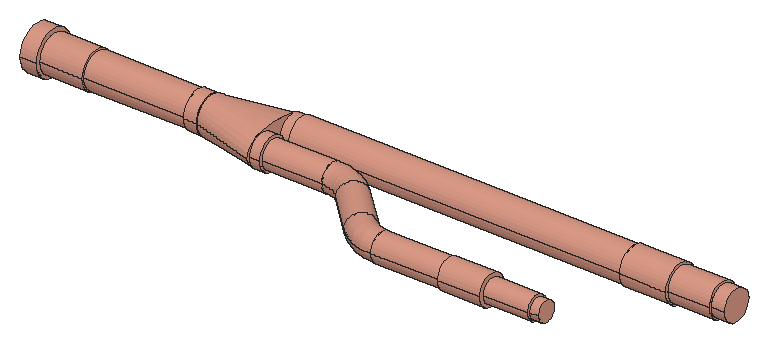
Revit family "outputfile", category 配管付属品, Revit 2024
Family settings
  丸型コネクタ寸法 = 半径を使用
  パーツ タイプ = 標準
  OmniClass 番号 = 23.65.55.00
  OmniClass タイトル = Distribution of Supplied Liquids/Gases
  作業面ベース = いいえ
  常に垂直 = はい
  ロード時にボイドで切り取り = いいえ
  共有 = いいえ
Parameters (values of type "BHRP26A73T")
  Description = ""
  製造元 = "Daikin"
  書き出し IFC クラス(タイプ) = "IfcPipeFittingType"
  Default Elevation = 0.0 mm
  定義済み IFC タイプ(タイプ) = "JUNCTION"
  Cost = 0
  モデル = "BHRP26A73T"
  Type Comments = ""
  Keynote = ""
  Type Image = (empty or 0)
  Assembly Code = ""
  table_StraightPipe [instance] = if(mm⇔inch, "Refnet Joint_BHRP26A-T_Gas_StraightPipe", "Refnet Joint_BHRP26A-T_Gas_StraightPipe_inch")  # "Refnet Joint_BHRP26A-T_Gas_StraightPipe"
  table_BranchPipe [instance] = if(mm⇔inch, "Refnet Joint_BHRP26A-T_Gas_BranchPipe", "Refnet Joint_BHRP26A-T_Gas_BranchPipe_inch")  # "Refnet Joint_BHRP26A-T_Gas_BranchPipe"
  table_Inlet [instance] = if(mm⇔inch, "Refnet Joint_BHRP26A-T_Gas_Inlet", "Refnet Joint_BHRP26A-T_Gas_Inlet_inch")  # "Refnet Joint_BHRP26A-T_Gas_Inlet"
  switch_StraightPipe_Reducer [instance] = if(Is_StraightPipe Reducer = 1, 1 = 1, 1 = 0)  # no
  switch_StraightPipe3 [instance] = if(number_StraightPipe = 3, 1 = 1, 1 = 0)  # yes
  switch_StraightPipe2 [instance] = if(number_StraightPipe < 2, 1 = 0, 1 = 1)  # yes
  switch_BranchPipe_Reducer [instance] = if(Is_BranchPipe Reducer = 1, 1 = 1, 1 = 0)  # no
  switch_BranchPipe3 [instance] = if(number_BranchPipe = 3, 1 = 1, 1 = 0)  # yes
  switch_BranchPipe2 [instance] = if(number_BranchPipe < 2, 1 = 0, 1 = 1)  # yes
  switch_Inlet pipe_Reducer [instance] = if(Is_Inlet Reducer = 1, 1 = 1, 1 = 0)  # no
  switch_Inlet pipe3 [instance] = if(number_InletPipe = 3, 1 = 1, 1 = 0)  # no
  switch_Inlet pipe2 [instance] = if(number_InletPipe < 2, 1 = 0, 1 = 1)  # yes
  mm⇔inch [instance] = yes
  Uniclass2015Version = "Products v1.31"
  Uniclass2015Title = "Copper pipe fittings"
  Uniclass2015Code = "Pr_65_52_63_18"
  URL = ""
  StraightPipe_Gas_ActualDiameter [instance] = 25.4 mm
  Material_Piping = DAIKIN_Copper_Pipe
  Material_Insulation = DAIKIN_White_Insulation
  lw_Insulation [instance] = size_lookup(table_Inlet, "lw_Insulation", 60.0 mm, モデル)  # 48.5 mm
  Unit Type = "BHRP26A-T_Gas"
  Tag No. [instance] = ""
  StraightPipe_Gas_Status [instance] = size_lookup(table_StraightPipe, "Information", "The connected pipe size is not available.", モデル, StraightPipe_Gas_ActualDiameter)  # "Default connector size is used."
  Link_Nested Family [instance] = ""
  Inlet_Gas_Actual Diameter [instance] = 38.1 mm
  IfcVersion = ""
  IfcExportType = "JUNCTION"
  IfcExportAs = "IfcPipeFittingType"
  BranchPipe_Gas_Status [instance] = size_lookup(table_BranchPipe, "Information", "The connected pipe size is not available.", モデル, BranchPipe_Gas_ActualDiameter)  # "Default connector size is used."
  Inlet_Gas_Status [instance] = size_lookup(table_Inlet, "Information", "The connected pipe size is not available.", モデル, Inlet_Gas_Actual Diameter)  # "Default connector size is used."
  Series = "Refnet Joint"
  O.R_dividePipe_Inlet [instance] = (I.D_InletPipe1 + 2.0 mm) / 2  # 16.9 mm
  r_StraightPipe_Connector [instance] = StraightPipe_Gas_ActualDiameter / 2  # 12.7 mm
  r_BranchPipe_Connector [instance] = BranchPipe_Gas_ActualDiameter / 2  # 7.95 mm
  r_Inlet_Connector [instance] = Inlet_Gas_Actual Diameter / 2  # 19.05 mm
  number_StraightPipe [instance] = size_lookup(table_StraightPipe, "pipeNumber", 2, モデル, StraightPipe_Gas_ActualDiameter)  # 3
  number_BranchPipe [instance] = size_lookup(table_BranchPipe, "pipeNumber", 2, モデル, BranchPipe_Gas_ActualDiameter)  # 3
  number_InletPipe [instance] = size_lookup(table_Inlet, "pipeNumber", 3, モデル, Inlet_Gas_Actual Diameter)  # 2
  r_BranchPipeR [instance] = size_lookup(table_BranchPipe, "r_offsetPipeR", 25.0 mm, モデル, BranchPipe_Gas_ActualDiameter)  # 40.0 mm
  l_BranchPipe_Straight2 [instance] = size_lookup(table_BranchPipe, "L_offsetPipe2", 43.0 mm, モデル)  # 63.0 mm
  l_BranchPipe_Straight1 [instance] = size_lookup(table_BranchPipe, "L_offsetPipe1", 5.0 mm, モデル)  # 56.0 mm
  l_BranchPipe connector [instance] = size_lookup(table_BranchPipe, "Length", 170.0 mm, モデル, BranchPipe_Gas_ActualDiameter)  # 311.0 mm
  l_inlet connector [instance] = size_lookup(table_Inlet, "Length", 130.0 mm, モデル, Inlet_Gas_Actual Diameter)  # 161.0 mm
  l_dividePipe [instance] = size_lookup(table_Inlet, "L_devidePipe", 38.0 mm, モデル)  # 61.0 mm
  l_StraightPipeReducer [instance] = size_lookup(table_StraightPipe, "L_Reducer", 2.0 mm, モデル, StraightPipe_Gas_ActualDiameter)  # 120.0 mm
  l_StraightPipe3 [instance] = size_lookup(table_StraightPipe, "L_Pipe3", 2.0 mm, モデル)  # 13.0 mm
  l_StraightPipe2 [instance] = size_lookup(table_StraightPipe, "L_Pipe2", 9.0 mm, モデル)  # 39.0 mm
  l_StraightPipe1 [instance] = size_lookup(table_StraightPipe, "L_Pipe1", 41.0 mm, モデル)  # 43.0 mm
  l_StraightPipe0 [instance] = size_lookup(table_StraightPipe, "L_Pipe0", 152.0 mm, モデル)  # 308.0 mm
  l_StraightPipe connector [instance] = size_lookup(table_StraightPipe, "Length", 212.0 mm, モデル, StraightPipe_Gas_ActualDiameter)  # 413.0 mm
  l_BranchPipe Reducer [instance] = size_lookup(table_BranchPipe, "L_Reducer", 2.0 mm, モデル, BranchPipe_Gas_ActualDiameter)  # 100.0 mm
  l_BranchPipe3 [instance] = size_lookup(table_BranchPipe, "L_Pipe3", 2.0 mm, モデル)  # 9.0 mm
  l_BranchPipe2 [instance] = size_lookup(table_BranchPipe, "L_Pipe2", 9.0 mm, モデル)  # 42.0 mm
  l_BranchPipe1 [instance] = size_lookup(table_BranchPipe, "L_Pipe1", 41.0 mm, モデル)  # 39.0 mm
  l_BranchPipe0 [instance] = size_lookup(table_BranchPipe, "L_Pipe0", 110.0 mm, モデル)  # 211.0 mm
  l_InletReducer [instance] = size_lookup(table_Inlet, "L_Reducer", 2.0 mm, モデル, Inlet_Gas_Actual Diameter)  # 120.0 mm
  l_InletPipe3 [instance] = size_lookup(table_Inlet, "L_Pipe3", 8.0 mm, モデル)  # 2.0 mm
  l_InletPipe2 [instance] = size_lookup(table_Inlet, "L_Pipe2", 42.0 mm, モデル)  # 15.0 mm
  l_InletPipe1 [instance] = size_lookup(table_Inlet, "L_Pipe1", 40.0 mm, モデル)  # 40.0 mm
  l_InletPipe0 [instance] = size_lookup(table_Inlet, "L_Pipe0", 28.0 mm, モデル)  # 94.0 mm
  center_StraightPipe [instance] = size_lookup(table_StraightPipe, "center_Pipe", 11.5 mm, モデル)  # 17.5 mm
  center_BranchPipe2 [instance] = size_lookup(table_BranchPipe, "center_OffsetPipe", 67.5 mm, モデル)  # 75.5 mm
  center_BranchPipe1 [instance] = size_lookup(table_BranchPipe, "center_Pipe", 11.5 mm, モデル)  # 17.5 mm
  StraightPipe_Gas_AvailableDiameter [instance] = size_lookup(table_StraightPipe, "sizeVariation", "", モデル)  # "25.4/28.6/31.8/34.9mm"
  BranchPipe_Gas_AvailableDiameter [instance] = size_lookup(table_BranchPipe, "sizeVariation", "", モデル)  # "12.7/15.9/19.1/22.2/25.4/28.6mm"
  Inlet_Gas_Available Diameter [instance] = size_lookup(table_Inlet, "sizeVariation", "", モデル)  # "31.8/34.9/38.1/41.3mm"
  O.D_StraightPipe Reducer [instance] = size_lookup(table_StraightPipe, "O.D_reducer", 2.0 mm, モデル, StraightPipe_Gas_ActualDiameter)  # 2.0 mm
  O.D_Offset Outlet Reducer [instance] = size_lookup(table_BranchPipe, "O.D_reducer", 2.0 mm, モデル, BranchPipe_Gas_ActualDiameter)  # 2.0 mm
  O.D_Inlet Reducer [instance] = size_lookup(table_Inlet, "O.D_reducer", 2.0 mm, モデル, Inlet_Gas_Actual Diameter)  # 2.0 mm
  Is_StraightPipe Reducer [instance] = size_lookup(table_StraightPipe, "IsReducer", 0, モデル, StraightPipe_Gas_ActualDiameter)  # 0
  Is_BranchPipe Reducer [instance] = size_lookup(table_BranchPipe, "IsReducer", 0, モデル, BranchPipe_Gas_ActualDiameter)  # 0
  Is_Inlet Reducer [instance] = size_lookup(table_Inlet, "IsReducer", 0, モデル, Inlet_Gas_Actual Diameter)  # 0
  BranchPipe_Gas_ActualDiameter [instance] = 15.9 mm
  Attach_Insulation [instance] = no
  I.D_StraightPipe3 [instance] = size_lookup(table_StraightPipe, "I.D_PipeSize3", 12.7 mm, モデル)  # 25.4 mm
  I.D_StraightPipe2 [instance] = size_lookup(table_StraightPipe, "I.D_PipeSize2", 12.7 mm, モデル)  # 28.6 mm
  I.D_StraightPipe1 [instance] = size_lookup(table_StraightPipe, "I.D_PipeSize1", 15.9 mm, モデル)  # 31.8 mm
  I.D_StraightPipe0 [instance] = size_lookup(table_StraightPipe, "I.D_PipeSize0", 13.9 mm, モデル)  # 29.8 mm
  I.D_BranchPipe3 [instance] = size_lookup(table_BranchPipe, "I.D_PipeSize3", 12.7 mm, モデル)  # 15.9 mm
  I.D_BranchPipe2 [instance] = size_lookup(table_BranchPipe, "I.D_PipeSize2", 12.7 mm, モデル)  # 19.1 mm
  I.D_BranchPipe1 [instance] = size_lookup(table_BranchPipe, "I.D_PipeSize1", 15.9 mm, モデル)  # 25.4 mm
  I.D_BranchPipe0 [instance] = size_lookup(table_BranchPipe, "I.D_PipeSize0", 13.9 mm, モデル)  # 23.4 mm
  I.D_Straight Reducer [instance] = size_lookup(table_StraightPipe, "I.D_reducer", 2.0 mm, モデル, StraightPipe_Gas_ActualDiameter)  # 2.0 mm
  I.D_OutletPipe [instance] = size_lookup(table_Inlet, "I.D_OutletPipeSize", 16.0 mm, モデル, Inlet_Gas_Actual Diameter)  # 27.5 mm
  I.D_Branch Reducer [instance] = size_lookup(table_BranchPipe, "I.D_reducer", 2.0 mm, モデル, BranchPipe_Gas_ActualDiameter)  # 2.0 mm
  I.D_Inlet Reducer [instance] = size_lookup(table_Inlet, "I.D_reducer", 2.0 mm, モデル, Inlet_Gas_Actual Diameter)  # 2.0 mm
  I.D_InletPipe3 [instance] = size_lookup(table_Inlet, "I.D_PipeSize3", 12.7 mm, モデル)  # 2.0 mm
  I.D_InletPipe2 [instance] = size_lookup(table_Inlet, "I.D_PipeSize2", 15.9 mm, モデル)  # 38.1 mm
  I.D_InletPipe1 [instance] = size_lookup(table_Inlet, "I.D_PipeSize1", 19.1 mm, モデル)  # 31.8 mm
  I.D_InletPipe0 [instance] = size_lookup(table_Inlet, "I.D_PipeSize0", 17.1 mm, モデル)  # 29.8 mm
Reference planes
  plane 1 "Center (Front/Back)": y = 0
  plane 2: z = 0
  plane 3 "base_left": x = 0
  plane 4: x = 2
  plane 5: x = 17
  plane 6: x = 57
  plane 7: x = 151
  plane 8: x = 163
  plane 9: x = 224
  plane 10: x = 234
  plane 11 "center_straight outlet": y = 17.5
  plane 12 "center2_offset outlet": y = -75.5
  plane 13 "center1_offset outlet": y = -17.5
  plane 14: x = 542
  plane 15: x = 585
  plane 16: x = 624
  plane 17: x = 445
  plane 18: x = 484
  plane 19: x = 526
  plane 20: x = 637
  plane 21: x = 535
  plane 22 "Reducer_straightoutlet": x = 535
  plane 23: x = 637
  plane 24: y = -34.4
  plane 25: z = 16.9
  plane 26 "Inlet_connector": x = 2
  plane 27 "Left_Insulation": x = 114.5
Forms (mm)
  SweptBlend 1, solid, material "DAIKIN_Copper_Pipe" <- "Material_Piping"
    path origin (0, 0, 0) x (1, 0, 0) y (0, 1, 0)
      loop
        line (163, 0) -> (224, 0)
    profile origin (163, 0, 0) x (0, 1, 0) y (0, 0, 1)
      loop
        circle (0, 0) r 16.9
    end profile origin (224, 0, 0) x (0, 1, 0) y (0, 0, 1)
      loop
        spline (-34.4, 0) -> (-33.228, -4.374) -> (-29.791, -8.45) -> (-24.324, -11.95) -> (-17.2, -14.636) -> (-8.903, -16.324) -> (0, -16.9) -> (8.903, -16.324) -> (17.2, -14.636) -> (24.324, -11.95) -> (29.791, -8.45) -> (33.228, -4.374) -> (34.4, 0)
        spline (34.4, 0) -> (33.228, 4.374) -> (29.791, 8.45) -> (24.324, 11.95) -> (17.2, 14.636) -> (8.903, 16.324) -> (0, 16.9) -> (-8.903, 16.324) -> (-17.2, 14.636) -> (-24.324, 11.95) -> (-29.791, 8.45) -> (-33.228, 4.374) -> (-34.4, 0)
Dimensions and locks
  "l_InletPipe3": plane 3 "base_left" to plane 4
  "l_InletPipe2": plane 4 to plane 5
  "l_InletPipe1": plane 5 to plane 6
  "l_InletPipe0": plane 6 to plane 7
  locked: plane 7 to plane 8 at 12
  "center_StraightPipe": plane 1 "Center (Front/Back)" to plane 11 "center_straight outlet"
  "center_BranchPipe2": plane 12 "center2_offset outlet" to plane 1 "Center (Front/Back)"
  "center_BranchPipe1": plane 13 "center1_offset outlet" to plane 1 "Center (Front/Back)"
  "l_dividePipe": plane 8 to plane 9
  plane 9 to plane 10 = 10.0 mm
  "l_StraightPipe0": plane 10 to plane 14
  "l_BranchPipe0": plane 10 to plane 17
  "l_BranchPipe1": plane 17 to plane 18
  "l_BranchPipe2": plane 18 to plane 19
  "l_StraightPipe1": plane 14 to plane 15
  "l_StraightPipe2": plane 15 to plane 16
  "l_StraightPipe3": plane 16 to plane 20
  "l_BranchPipe3": plane 19 to plane 21
  "l_BranchPipe connector": plane 9 to plane 22 "Reducer_straightoutlet"
  "l_StraightPipe connector": plane 9 to plane 23
  "O.R_dividePipe_Inlet": plane 24 to plane 13 "center1_offset outlet"
  "O.R_dividePipe_Inlet": plane 25 to plane 2
  "l_inlet connector": plane 26 "Inlet_connector" to plane 8
  "lw_Insulation": plane 27 "Left_Insulation" to plane 8
  "O.R_dividePipe_Inlet": radius of SweptBlend 1 sketch curve
  aligned and locked: level to plane 2
  aligned and locked: plane 2 to nested 1
  aligned and locked: plane 3 "base_left" to nested 1
  aligned and locked: plane 1 "Center (Front/Back)" to nested 1
  aligned and locked: plane 4 to nested 2
  aligned and locked: plane 1 "Center (Front/Back)" to nested 2
  aligned and locked: plane 5 to nested 2
  aligned and locked: plane 5 to nested 3
  aligned and locked: plane 6 to nested 3
  aligned and locked: plane 6 to nested 4
  aligned and locked: nested 4 to plane 7
  aligned and locked: nested 5 to plane 7
  aligned and locked: nested 5 to plane 8
  aligned and locked: plane 8 to SweptBlend 1 sketch curve
  aligned and locked: plane 9 to SweptBlend 1 sketch curve
  aligned and locked: plane 2 to SweptBlend 1 sketch curve  (x2)
  aligned and locked: plane 1 "Center (Front/Back)" to SweptBlend 1 sketch curve  (x2)
  aligned and locked: nested 6 to plane 9
  aligned and locked: nested 7 to plane 9
  aligned and locked: nested 6 to plane 11 "center_straight outlet"
  aligned and locked: nested 7 to plane 13 "center1_offset outlet"
  aligned and locked: nested 7 to plane 10
  aligned and locked: nested 6 to plane 10
  aligned and locked: nested 8 to plane 10
  aligned and locked: plane 14 to nested 8
  aligned and locked: nested 8 to plane 11 "center_straight outlet"
  aligned and locked: plane 14 to nested 9
  aligned and locked: plane 11 "center_straight outlet" to nested 9
  aligned and locked: plane 15 to nested 9
  aligned and locked: plane 11 "center_straight outlet" to nested 10
  aligned and locked: plane 15 to nested 10
  aligned and locked: plane 16 to nested 10
  aligned and locked: nested 11 to plane 12 "center2_offset outlet"
  aligned and locked: plane 17 to nested 11
  aligned and locked: plane 18 to nested 11
  aligned and locked: nested 12 to plane 12 "center2_offset outlet"
  aligned and locked: plane 18 to nested 12
  aligned and locked: plane 19 to nested 12
  aligned and locked: nested 13 to plane 10
  aligned and locked: nested 13 to plane 13 "center1_offset outlet"
  aligned and locked: nested 13 to plane 12 "center2_offset outlet"
  aligned and locked: plane 8 to nested 14
  aligned and locked: plane 1 "Center (Front/Back)" to nested 14
  aligned and locked: nested 15 to plane 11 "center_straight outlet"
  aligned and locked: nested 15 to plane 9
  aligned and locked: nested 16 to plane 9
  aligned and locked: nested 16 to plane 12 "center2_offset outlet"
  aligned and locked: nested 17 to plane 1 "Center (Front/Back)"
  aligned and locked: plane 16 to nested 18
  aligned and locked: plane 20 to nested 18
  aligned and locked: plane 19 to nested 19
  aligned and locked: plane 21 to nested 19
  aligned and locked: nested 20 to plane 12 "center2_offset outlet"
  aligned and locked: plane 23 to nested 21
  aligned and locked: plane 11 "center_straight outlet" to nested 21
  aligned and locked: plane 4 to nested 1
  aligned and locked: plane 24 to SweptBlend 1 sketch curve
  aligned and locked: plane 25 to SweptBlend 1 sketch curve
  aligned and locked: plane 12 "center2_offset outlet" to nested 19
  aligned and locked: plane 11 "center_straight outlet" to nested 18
  aligned and locked: nested 17 to plane 26 "Inlet_connector"
  aligned and locked: plane 22 "Reducer_straightoutlet" to nested 20
  aligned and locked: nested 22 to plane 27 "Left_Insulation"
  aligned and locked: plane 1 "Center (Front/Back)" to nested 22
Automatic sketch dimensions
  plane 1 "Center (Front/Back)" to SweptBlend 1 sketch curve = 0.0 mm
Nested families
  nested 1: "daikin_Pipe" at (1, 0, 0), I.D_Pipe <- "I.D_InletPipe3", display <- "switch_Inlet pipe3", type "*"
    with length_Pipe 2.0 mm, display no, O.D_Pipe 4.0 mm, I.D_Pipe 2.0 mm
  nested 2: "daikin_Pipe" at (9.5, 0, 0), I.D_Pipe <- "I.D_InletPipe2", display <- "switch_Inlet pipe2", type "*"
    with length_Pipe 15.0 mm, display yes, O.D_Pipe 40.1 mm, I.D_Pipe 38.1 mm
  nested 3: "daikin_Pipe" at (37, 0, 0), I.D_Pipe <- "I.D_InletPipe1", type "*"
    with length_Pipe 40.0 mm, display yes, O.D_Pipe 33.8 mm, I.D_Pipe 31.8 mm
  nested 4: "daikin_Pipe" at (104, 0, 0), I.D_Pipe <- "I.D_InletPipe0", type "*"
    with length_Pipe 94.0 mm, display yes, O.D_Pipe 31.8 mm, I.D_Pipe 29.8 mm
  nested 5: "daikin_Pipe" at (157, 0, 0), I.D_Pipe <- "I.D_InletPipe1", type "*"
    with length_Pipe 12.0 mm, display yes, O.D_Pipe 33.8 mm, I.D_Pipe 31.8 mm
  nested 6: "daikin_Pipe" at (229, 17.5, 0), I.D_Pipe <- "I.D_OutletPipe", type "*"
    with length_Pipe 10.0 mm, display yes, O.D_Pipe 29.5 mm, I.D_Pipe 27.5 mm
  nested 7: "daikin_Pipe" at (229, -17.5, 0), I.D_Pipe <- "I.D_OutletPipe", type "*"
    with length_Pipe 10.0 mm, display yes, O.D_Pipe 29.5 mm, I.D_Pipe 27.5 mm
  nested 8: "daikin_Pipe" at (388, 17.5, 0), I.D_Pipe <- "I.D_StraightPipe0", type "*"
    with length_Pipe 308.0 mm, display yes, O.D_Pipe 31.8 mm, I.D_Pipe 29.8 mm
  nested 9: "daikin_Pipe" at (563.5, 17.5, 0), I.D_Pipe <- "I.D_StraightPipe1", type "*"
    with length_Pipe 43.0 mm, display yes, O.D_Pipe 33.8 mm, I.D_Pipe 31.8 mm
  nested 10: "daikin_Pipe" at (604.5, 17.5, 0), I.D_Pipe <- "I.D_StraightPipe2", display <- "switch_StraightPipe2", type "*"
    with length_Pipe 39.0 mm, display yes, O.D_Pipe 30.6 mm, I.D_Pipe 28.6 mm
  nested 11: "daikin_Pipe" at (464.5, -75.5, 0), I.D_Pipe <- "I.D_BranchPipe1", type "*"
    with length_Pipe 39.0 mm, display yes, O.D_Pipe 27.4 mm, I.D_Pipe 25.4 mm
  nested 12: "daikin_Pipe" at (505, -75.5, 0), I.D_Pipe <- "I.D_BranchPipe2", display <- "switch_BranchPipe2", type "*"
    with length_Pipe 42.0 mm, display yes, O.D_Pipe 21.1 mm, I.D_Pipe 19.1 mm
  nested 13: "daikin_Pipe Ofsset" at (234, -17.5, 0), I.D_Pipe size <- "I.D_BranchPipe0", length_straight pipe1 <- "l_BranchPipe_Straight1", length_straight pipe2 <- "l_BranchPipe_Straight2", r_Pipe R <- "r_BranchPipeR", length_Pipe <- "l_BranchPipe0", type "*"
    with r_Pipe R 40.0 mm, length_straight pipe2 63.0 mm, length_straight pipe1 56.0 mm, length_offset center 58.0 mm, length_Pipe 211.0 mm, O.D_Pipe size 25.4 mm, I.D_Pipe size 23.4 mm
  nested 14: "daikin_connector_rotate2" at (163, 0, 0) x (0, -1, 0) z (0, 0, 1), length <- "l_inlet connector", type "daikin_connector_rotate2"
    with radius 5.0 mm, length 161.0 mm, angle_vertical 90.00°, locaton_mark no
  nested 15: "daikin_connector_rotate2" at (224, 17.5, 0) x (0, 1, 0) z (0, 0, 1), length <- "l_StraightPipe connector", type "daikin_connector_rotate2"
    with radius 5.0 mm, length 413.0 mm, angle_vertical 90.00°, locaton_mark no
  nested 16: "daikin_connector_rotate2" at (224, -75.5, 0) x (0, 1, 0) z (0, 0, 1), length <- "l_BranchPipe connector", type "daikin_connector_rotate2"
    with radius 5.0 mm, length 311.0 mm, angle_vertical 90.00°, locaton_mark no
  nested 17: "daikin_Pipe_reducer" at (62, 0, 0) x (-1, 0, 0) z (0, 0, 1), display <- "switch_Inlet pipe_Reducer", length_Pipe <- "l_InletReducer", I.D_Pipe1 <- "I.D_Inlet Reducer", O.D_Pipe2 <- "O.D_Inlet Reducer", type "*"
    with length_Pipe 120.0 mm, display no, O.D_Pipe2 2.0 mm, O.D_Pipe1 4.0 mm, I.D_Pipe2 0.0 mm, I.D_Pipe1 2.0 mm
  nested 18: "daikin_Pipe" at (630.5, 17.5, 0), I.D_Pipe <- "I.D_StraightPipe3", display <- "switch_StraightPipe3", type "*"
    with length_Pipe 13.0 mm, display yes, O.D_Pipe 27.4 mm, I.D_Pipe 25.4 mm
  nested 19: "daikin_Pipe" at (530.5, -75.5, 0), I.D_Pipe <- "I.D_BranchPipe3", display <- "switch_BranchPipe3", type "*"
    with length_Pipe 9.0 mm, display yes, O.D_Pipe 17.9 mm, I.D_Pipe 15.9 mm
  nested 20: "daikin_Pipe_reducer" at (485, -75.5, 0), I.D_Pipe1 <- "I.D_Branch Reducer", O.D_Pipe2 <- "O.D_Offset Outlet Reducer", length_Pipe <- "l_BranchPipe Reducer", display <- "switch_BranchPipe_Reducer", type "*"
    with length_Pipe 100.0 mm, display no, O.D_Pipe2 2.0 mm, O.D_Pipe1 4.0 mm, I.D_Pipe2 0.0 mm, I.D_Pipe1 2.0 mm
  nested 21: "daikin_Pipe_reducer" at (577, 17.5, 0), I.D_Pipe1 <- "I.D_Straight Reducer", O.D_Pipe2 <- "O.D_StraightPipe Reducer", length_Pipe <- "l_StraightPipeReducer", display <- "switch_StraightPipe_Reducer", type "*"
    with length_Pipe 120.0 mm, display no, O.D_Pipe2 2.0 mm, O.D_Pipe1 4.0 mm, I.D_Pipe2 0.0 mm, I.D_Pipe1 2.0 mm
  nested 22: "daikin_Insulation_RefnetJoint" at (114.5, 0, 0), I.D_Outlet PipeSize <- "I.D_OutletPipe", type "*"
    with h 59.5 mm, I.D_Outlet PipeSize 27.5 mm, w_Insulation5 310.0 mm, w_Insulation4 60.0 mm, w_Insulation3 109.0 mm, w_Insulation2 90.0 mm, w_Insulation1 30.0 mm, d_Insulation3 156.0 mm, d_Insulation2 105.0 mm, d_Insulation1 68.0 mm
Connectors
  piping at (2, 0, 0), diameter 38.1, driven by "r_Inlet_Connector"
    settings: on nested 14, index 1, connector inside diameter 609.6 mm, connector length 0.0 mm, flow factor 0, pipe flow 0.00 m³/h, pressure drop 0.0 Pa, fitting loss kfactor 0, connector angle 0.00°, fixture units 0, engagement length 0.0 mm, angle of deflection 0.00°, flow configuration 0, flow direction 2, fitting loss method 0, system type 29, joint type 0, gender type 0, connector reference index -1, connector utility 0, adjustable connector no, is connector primary yes, connector description "Refnet Joint_Inlet_Gas"
  piping at (535, -75.5, 0), diameter 15.9, driven by "r_BranchPipe_Connector"
    settings: on nested 16, index 2, connector inside diameter 609.6 mm, connector length 0.0 mm, flow factor 0, pipe flow 0.00 m³/h, pressure drop 0.0 Pa, fitting loss kfactor 0, connector angle 0.00°, fixture units 0, engagement length 0.0 mm, angle of deflection 0.00°, flow configuration 0, flow direction 1, fitting loss method 0, system type 29, joint type 0, gender type 0, connector reference index -1, connector utility 0, adjustable connector no, is connector primary no, connector description "Refnet Joint_Outlet Branch_Gas"
  piping at (637, 17.5, 0), diameter 25.4, driven by "r_StraightPipe_Connector"
    settings: on nested 15, index 3, connector inside diameter 609.6 mm, connector length 0.0 mm, flow factor 0, pipe flow 0.00 m³/h, pressure drop 0.0 Pa, fitting loss kfactor 0, connector angle 0.00°, fixture units 0, engagement length 0.0 mm, angle of deflection 0.00°, flow configuration 0, flow direction 1, fitting loss method 0, system type 29, joint type 0, gender type 0, connector reference index -1, connector utility 0, adjustable connector no, is connector primary no, connector description "Refnet Joint_Outlet Straight_Gas"
Definition of nested family "daikin_Pipe"
  Parameters (values of type "*")
    Default Elevation = 0.0 mm
    material = none
    length_Pipe [instance] = 150.0 mm
    display [instance] = yes
    O.D_Pipe [instance] = I.D_Pipe + 2.0 mm  # 27.0 mm
    I.D_Pipe [instance] = 25.0 mm
  Reference planes
    plane 1 "Center (Front/Back)": y = 0
    plane 2 "center(vertical)": z = 0
    plane 3 "Center (Left/Right)": x = 0
    plane 4 "left": x = -75
    plane 5 "right": x = 75
  Forms (mm)
    Extrusion 1, solid, material <- "material", visible <- "display"
      sketch origin (0, 0, 0) x (0, 1, 0) y (0, 0, 1)
        loop
          circle (0, 0) r 13.5
      from -75 to 75
  Dimensions and locks
    equal spacing: plane 4 "left", plane 3 "Center (Left/Right)", plane 5 "right"
    "length_Pipe": plane 4 "left" to plane 5 "right"
    "O.D_Pipe": diameter of Extrusion 1 sketch curve
    aligned and locked: level to plane 2 "center(vertical)"
    aligned and locked: plane 2 "center(vertical)" to Extrusion 1 sketch curve
    aligned and locked: plane 1 "Center (Front/Back)" to Extrusion 1 sketch curve
    aligned and locked: plane 5 "right" to Extrusion 1
    aligned and locked: Extrusion 1 to plane 4 "left"
Definition of nested family "daikin_Pipe Ofsset"
  Parameters (values of type "*")
    Default Elevation = 0.0 mm
    r_Pipe R [instance] = 40.0 mm
    material = none
    length_straight pipe2 [instance] = 43.0 mm
    length_straight pipe1 [instance] = 5.0 mm
    length_offset center [instance] = 57.0 mm
    length_Pipe [instance] = 110.0 mm
    O.D_Pipe size [instance] = I.D_Pipe size + 2.0 mm  # 12.0 mm
    I.D_Pipe size [instance] = 10.0 mm
  Reference planes
    plane 1 "Center (Front/Back)": y = 0
    plane 2: z = 0
    plane 3 "Center (Left/Right)": x = 0
    plane 4: y = -57
    plane 5: x = 110
    plane 6: x = 67
    plane 7: x = 5
  Forms (mm)
    Sweep 1, solid, material <- "material"
      path origin (0, 0, 0) x (1, 0, 0) y (0, 1, 0)
        loop
          line (0, 0) -> (5, 0)
          arc (5, 0) -> (20.74, -3.227) -> (33.94, -12.387) r 40
          line (33.94, -12.387) -> (38.06, -44.613)
          arc (38.06, -44.613) -> (51.26, -53.773) -> (67, -57) r 40
          line (67, -57) -> (110, -57)
      profile origin (2.5, 0, 0) x (0, 1, 0) y (0, 0, 1)
        loop
          circle (0, 0) r 6
  Dimensions and locks
    "length_offset center": plane 4 to plane 1 "Center (Front/Back)"
    "length_straight pipe1": plane 3 "Center (Left/Right)" to plane 7
    "length_Pipe": plane 3 "Center (Left/Right)" to plane 5
    "length_straight pipe2": plane 6 to plane 5
    "O.D_Pipe size": diameter of Sweep 1 sketch curve
    "r_Pipe R": radius of Sweep 1 sketch curve  (x2)
    aligned and locked: level to plane 2
    aligned and locked: plane 1 "Center (Front/Back)" to Sweep 1 sketch curve
    aligned and locked: profile plane to Sweep 1 sketch curve
    aligned and locked: plane 5 to Sweep 1 sketch curve
    aligned and locked: plane 7 to Sweep 1 sketch curve
    aligned and locked: plane 6 to Sweep 1 sketch curve
  Automatic sketch dimensions
    plane 1 "Center (Front/Back)" to Sweep 1 sketch curve = 0.0 mm
    Sweep 1 sketch curve to plane 3 "Center (Left/Right)" = 0.0 mm
    plane 4 to Sweep 1 sketch curve = 0.0 mm
    plane 1 "Center (Front/Back)" to Sweep 1 sketch curve = 12.387 mm
    Sweep 1 sketch curve to plane 4 = 12.387 mm
Definition of nested family "daikin_connector_rotate2"
  Parameters (values of type "daikin_connector_rotate2")
    show_face = no
    radius [instance] = 10.0 mm
    locaton_mark = yes
    length [instance] = 600.0 mm
    d_surface = 10.0 mm
    angle_vertical [instance] = 90.00°
    Default Elevation = 0.0 mm
  Reference planes
    plane 1 "Center (Front/Back)": y = 0
    plane 2: z = 0
    plane 3 "Center (Left/Right)": x = 0
  Forms (mm)
    Extrusion 1, solid, visible <- "show_face"
      sketch origin (0, -600, 0) x (1, 0, 0) y (0, 0, 1)
        loop
          circle (0, 0) r 10
      from 0 to -10
  Lines and regions (mm)
    reference lines
      curve 1: line (0, 0, 0) -> (0, -600, 0)
    symbolic lines, visible <- "locaton_mark"
      curve 2: circle (0, 0, 0) r 5 normal (0, 0, 1)
    model lines, visible <- "show_face"
      curve 3: line (0, 0, 0) -> (0, -600, 0)
  Dimensions and locks
    "length": curve 1 to curve 1
    "length": curve 3 to curve 3
    "d_surface": Extrusion 1 to Extrusion 1
    "radius": radius of Extrusion 1 sketch curve
    "angle_vertical": angle curve 1 to plane 1 "Center (Front/Back)"
    "angle_vertical": angle curve 3 to plane 1 "Center (Front/Back)"
    aligned and locked: level to plane 2
    aligned and locked: plane 1 "Center (Front/Back)" to curve 1
    aligned and locked: plane 2 to curve 1
    aligned and locked: plane 1 "Center (Front/Back)" to curve 2
    aligned and locked: plane 3 "Center (Left/Right)" to curve 2
    aligned and locked: plane 1 "Center (Front/Back)" to curve 3
    aligned and locked: plane 2 to curve 3
    aligned and locked: Extrusion 1 to Extrusion 1
  Automatic sketch dimensions
    Extrusion 1 sketch curve to level = 0.0 mm
    Extrusion 1 sketch curve to plane 3 "Center (Left/Right)" = 0.0 mm
    radius of curve 2 = 5.0 mm
Definition of nested family "daikin_Pipe_reducer"
  Parameters (values of type "*")
    Default Elevation = 0.0 mm
    material = none
    length_Pipe [instance] = 250.0 mm
    display [instance] = yes
    O.D_Pipe2 [instance] = 19.1 mm
    O.D_Pipe1 [instance] = I.D_Pipe1 + 2.0 mm  # 24.2 mm
    I.D_Pipe2 [instance] = O.D_Pipe2 - 2.0 mm  # 17.1 mm
    I.D_Pipe1 [instance] = 22.2 mm
  Reference planes
    plane 1 "Center (Front/Back)": y = 0
    plane 2 "center(vertical)": z = 0
    plane 3 "Center (Left/Right)": x = 0
    plane 4 "connection": x = -125
    plane 5 "right": x = 113
    plane 6: x = 125
  Forms (mm)
    Extrusion 1, solid, material <- "material", visible <- "display"
      sketch origin (0, 0, 0) x (0, 1, 0) y (0, 0, 1)
        loop
          circle (0, 0) r 9.55
      from -125 to 113
    Extrusion 2, solid, material <- "material", visible <- "display"
      sketch origin (0, 0, 0) x (0, 1, 0) y (0, 0, 1)
        loop
          circle (0, 0) r 12.1
      from 113 to 125
  Dimensions and locks
    locked: plane 5 "right" to plane 6 at 12
    "length_Pipe": plane 4 "connection" to plane 6
    equal spacing: plane 4 "connection", plane 3 "Center (Left/Right)", plane 6
    "O.D_Pipe2": diameter of Extrusion 1 sketch curve
    "O.D_Pipe1": diameter of Extrusion 2 sketch curve
    aligned and locked: level to plane 2 "center(vertical)"
    aligned and locked: plane 2 "center(vertical)" to Extrusion 1 sketch curve
    aligned and locked: plane 1 "Center (Front/Back)" to Extrusion 1 sketch curve
    aligned and locked: plane 5 "right" to Extrusion 1
    aligned and locked: Extrusion 1 to plane 4 "connection"
    aligned and locked: plane 2 "center(vertical)" to Extrusion 2 sketch curve
    aligned and locked: plane 1 "Center (Front/Back)" to Extrusion 2 sketch curve
    aligned and locked: Extrusion 2 to plane 5 "right"
    aligned and locked: plane 6 to Extrusion 2
Definition of nested family "daikin_Insulation_RefnetJoint"
  Parameters (values of type "*")
    Default Elevation = 0.0 mm
    Model = "BHRP26A22T"
    w_Insulation5 = size_lookup(table_Insulation, "w_Insulation5", 212.0 mm, Model)  # 212.0 mm
    w_Insulation4 = size_lookup(table_Insulation, "w_Insulation4", 67.0 mm, Model)  # 67.0 mm
    w_Insulation3 = size_lookup(table_Insulation, "w_Insulation3", 34.7 mm, Model)  # 34.7 mm
    w_Insulation2 = size_lookup(table_Insulation, "w_Insulation2", 80.0 mm, Model)  # 80.0 mm
    w_Insulation1 = size_lookup(table_Insulation, "w_Insulation1", 22.0 mm, Model)  # 22.0 mm
    table_Insulation = "Refnet Joint_BHRP26A-T_Gas_Insulation"  # constant formula
    material = none
    h [instance] = (I.D_Outlet PipeSize + 2.0 mm) + 30.0 mm  # 47.0 mm
    display = no
    d_Insulation3 = size_lookup(table_Insulation, "d_Insulation3", 131.5 mm, Model)  # 131.5 mm
    d_Insulation2 = size_lookup(table_Insulation, "d_Insulation2", 79.0 mm, Model)  # 79.0 mm
    d_Insulation1 = size_lookup(table_Insulation, "d_Insulation1", 56.0 mm, Model)  # 56.0 mm
    I.D_Outlet PipeSize [instance] = 15.0 mm
  Reference planes
    plane 1 "Center (Front/Back)": y = 0
    plane 2: z = 0
    plane 3 "Left": x = 0
    plane 4 "top": z = 23.5
    plane 5 "bottom": z = -23.5
    plane 6: x = 22
    plane 7: x = 80
    plane 8: y = 28
    plane 9: y = -28
    plane 10: y = 39.5
    plane 11: y = -39.5
    plane 12: y = -92
    plane 13: x = 212
    plane 14: y = -26.25
    plane 15: x = 114.7
    plane 16: x = 145
  Forms (mm)
    Extrusion 1, solid, material <- "material", visible <- "display"
      sketch origin (0, 0, 0) x (1, 0, 0) y (0, 1, 0)
        loop
          line (22, 28) -> (0, 28) -> (0, -28) -> (22, -28) -> (80, -39.5) -> (114.7, -39.5) -> (145, -92) -> (212, -92) -> (212, -43.5) -> (202.5, -43.5)
          arc (202.5, -43.5) -> (189, -30) -> (202.5, -16.5) r 13.5
          line (202.5, -16.5) -> (212, -16.5) -> (212, 39.5) -> (80, 39.5) -> (22, 28)
      from -23.5 to 23.5
  Dimensions and locks
    equal spacing: plane 4 "top", plane 2, plane 5 "bottom"
    "h": plane 4 "top" to plane 5 "bottom"
    "w_Insulation1": plane 3 "Left" to plane 6
    "w_Insulation2": plane 3 "Left" to plane 7
    equal spacing: plane 8, plane 1 "Center (Front/Back)", plane 9
    "d_Insulation1": plane 8 to plane 9
    equal spacing: plane 10, plane 1 "Center (Front/Back)", plane 11
    "d_Insulation2": plane 10 to plane 11
    "d_Insulation3": plane 10 to plane 12
    "w_Insulation5": plane 3 "Left" to plane 13
    "w_Insulation3": plane 7 to plane 15
    "w_Insulation4": plane 16 to plane 13
    aligned and locked: level to plane 2
    aligned and locked: Extrusion 1 to plane 5 "bottom"
    aligned and locked: plane 4 "top" to Extrusion 1
    aligned and locked: plane 6 to Extrusion 1  (x2)
    aligned and locked: plane 7 to Extrusion 1  (x2)
    aligned and locked: plane 6 to Extrusion 1 sketch curve
    aligned and locked: plane 11 to Extrusion 1 sketch curve
    aligned and locked: plane 7 to Extrusion 1 sketch curve  (x2)
    aligned and locked: plane 10 to Extrusion 1 sketch curve
    aligned and locked: Extrusion 1 sketch curve to plane 12
    aligned and locked: Extrusion 1 sketch curve to plane 13  (x2)
    aligned and locked: plane 16 to Extrusion 1 sketch curve
    aligned and locked: plane 15 to Extrusion 1 sketch curve
  Automatic sketch dimensions
    Extrusion 1 sketch curve to plane 3 "Left" = 0.0 mm
    Extrusion 1 sketch curve to plane 6 = 0.0 mm
    Extrusion 1 sketch curve to plane 9 = 0.0 mm
    Extrusion 1 sketch curve to plane 8 = 0.0 mm
    Extrusion 1 sketch curve to plane 11 = 4.0 mm
    Extrusion 1 sketch curve to plane 13 = 9.5 mm
    Extrusion 1 sketch curve to plane 9 = 2.0 mm
